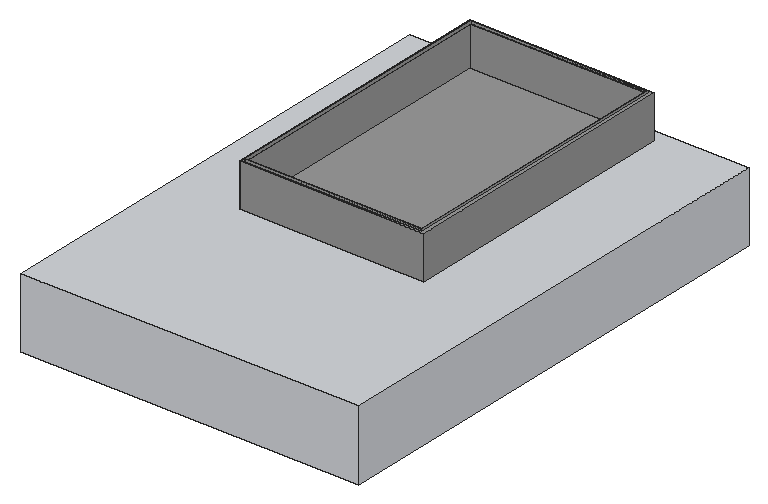
Revit family "Hager-Univers-IP30-D205-H1250-Cl.II-Encl-CH-it", category Equipement électrique, Revit 2020
Family settings
  Hôte = Face
  Configuration du panneau = Deux colonnes, circuits au sein
  Cote de connecteur circulaire = Utiliser le diamètre
  Type d'élément = Tableau de raccordement
  Couper avec des vides une fois chargée = Non
  Partagée = Non
  Point de calcul de pièce = Non
Parameters (values of type "A parete IP30 L800 A1250 P205  - FP83Q1S")
  Width Control [instance] = if([EF000008 - Larghezza] > Min Width, [EF000008 - Larghezza], Min Width)  # 800 mm
  Commentaires du type = [HG000003 - Gamma]  # "Univers"
  Thickness Door [instance] = if([EF009171 - spessore materiale porta/coperchio] > 3 mm, 3 mm, [EF009171 - spessore materiale porta/coperchio])  # 1 mm
  Seal Frame Offset [instance] = 17 mm  # constant formula
  Plinth Visibility [instance] = [HG000027 - Altezza dello zoccolo] > 0 mm  # no
  Model = ""
  Min Width [instance] = 100 mm  # constant formula
  Min Height [instance] = 100 mm  # constant formula
  Min Depth [instance] = (2 * [EF009170 - spessore materiale scatola]) + 1 mm  # 3 mm
  Internal Frame Depth [instance] = (Door System Depth * 0.5)  # 9 mm
  Height Control [instance] = if([EF000040 - Altezza] > Min Height, [EF000040 - Altezza], Min Height)  # 1250 mm
  HG000027 - Altezza dello zoccolo = 0 mm
  HG000026 - A pavimento = no
  HG000024 - Altezza della sezione inferiore = 800 mm
  HG000023 - Custodia a doppia sezione = no
  HG000016 - Visibilità delle porte nella vista 3D [instance] = yes
  HG000015 - Visibilità attraverso la porta [instance] = no
  HG000014 - Porta destra [instance] = yes
  HG000013 - Porta sinistra [instance] = not([HG000014 - Porta destra])  # no
  HG000012 - Angolo di apertura della porta [instance] = 30.00°
  HG000010 - Porte asimmetriche = no
  HG000009 - Porta doppia a battente = no
  HG000006 - Ad incasso = no
  HG000004 - Codice produttore = "FP83Q1S"
  HG000003 - Gamma = "Univers"
  HG000002 - Con porta = no
  Frame Offset Bottom [instance] = 10 mm  # constant formula
  Frame Offset [instance] = 15 mm  # constant formula
  EF015940 - Coprire con rilascio di sovrapressione = no
  EF011959 - tipo di protezione (NEMA) = ""
  EF009554 - numero delle aperture per la piastra della flangia = 6
  Fabricant = "Hager"  # constant formula
  EF009212 - esecuzione coperchio = "EV009916 - con taglio"
  EF009171 - spessore materiale porta/coperchio = 1 mm
  EF009170 - spessore materiale scatola = 1 mm
  EF008873 - corrente nominale (In) = 250 A
  EF007800 - adatto per parafulmine = no
  EF006306 - con serratura = no
  EF006244 - coperchio/porta trasparente = no
  EF005474 - grado di protezione (IP) = "EV006410 - IP30"
  EF004464 - tipo di porta = "EV000494 - senza"
  EF004427 - numero di moduli = 288
  EF004293 - resistenza agli urti = "EV006813 - IK07"
  EF003532 - adatto per uso esterno = no
  EF002950 - Numero moduli DIN = 36
  EF001613 - Integrità del circuito = "EV000494 - senza"
  EF001596 - Attacco Lampada = "EV000179 - acciaio"
  EF001131 - profondità interna = 130 mm
  EF001088 - possibilità di applicazione = yes
  EF000437 - numero di ingressi per conduttori = 6
  EF000339 - tipo di copertura = "EV000494 - senza"
  EF000266 - numero di file = 8
  EF000218 - profondità di incasso = 0 mm
  EF000118 - con piastra di montaggio = no
  EF000116 - numero RAL = "9010"
  EF000049 - profondità = 205 mm
  EF000040 - Altezza = 1250 mm
  EF000008 - Larghezza = 800 mm
  EF000007 - colore = "EV000202 - bianco"
  EF000003 - Tipo di montaggio = "EV000384 - A parete"
  Door System Leaf Tolerance [instance] = 1.5 mm  # constant formula
  Door System Depth [instance] = 18 mm  # constant formula
  Door Height [instance] = Height Control - [HG000027 - Altezza dello zoccolo]  # 1250 mm
  Depth Control [instance] = if([EF000049 - profondità] > Min Depth, [EF000049 - profondità], Min Depth)  # 205 mm
  Default Elevation = 0 mm
  Connector Offset [instance] = Height Control / 2  # 625 mm
  Bottom Top Plate Trim [instance] = 1.5 mm  # constant formula
  Plinth height Ctrl [instance] = if([HG000027 - Altezza dello zoccolo] > 0 mm, [HG000027 - Altezza dello zoccolo], 12 mm)  # 12 mm
Types (5, lengths in mm): name | Width Control | HG000004 - Codice produttore | EF009554 - numero delle aperture per la piastra della flangia | EF004427 - numero di moduli | EF002950 - Numero moduli DIN | EF000437 - numero di ingressi per conduttori | EF000008 - Larghezza
  A parete IP30 L1050 A1250 P205  - FP84Q1S | 1050 | "FP84Q1S" | 8 | 384 | 48 | 8 | 1050
  A parete IP30 L1300 A1250 P205  - FP85Q1S | 1300 | "FP85Q1S" | 10 | 480 | 60 | 10 | 1300
  A parete IP30 L300 A1250 P205  - FP81Q1S | 300 | "FP81Q1S" | 2 | 96 | 12 | 2 | 300
  A parete IP30 L550 A1250 P205  - FP82Q1S | 550 | "FP82Q1S" | 4 | 192 | 24 | 4 | 550
  A parete IP30 L800 A1250 P205  - FP83Q1S | 800 | "FP83Q1S" | 6 | 288 | 36 | 6 | 800
Reference planes
  plane 1 "Center (Front/Back)": y = 0
  plane 2: z = 0
  plane 3 "Center (Left/Right)": x = 0
  plane 4: z = 205
  plane 5: y = 1
  plane 6: y = 625
  plane 7: y = 0
  plane 8: y = 1250
  plane 9: z = 0
  plane 10: x = -385
  plane 11: x = 385
  plane 12: x = 384
  plane 13: x = -384
  plane 14: y = 1249
  plane 15: x = -383
  plane 16: x = -400
  plane 17: x = 383
  plane 18: x = 400
  plane 19: x = 399
  plane 20: x = -399
  plane 21: y = 11
  plane 22: y = 1250
  plane 23: y = 1234
  plane 24: z = 187
  plane 25: z = 1
  plane 26: z = 186
  plane 27: z = 204
Forms (mm)
  Extrusion 1, solid
    sketch origin (0, 0, 0) x (1, 0, 0) y (0, 1, 0)
      loop
        line (-702.964, 1305) -> (-702.964, -811.445) -> (766.763, -811.445) -> (766.763, 1305) -> (-702.964, 1305)
    from 0 to -304.8
  Extrusion 2, solid, material "Hager_Steel_RAL7035_Light_Grey", visible <- "Plinth Visibility", detail levels medium+fine
    sketch origin (0, 0, 0) x (1, 0, 0) y (0, 1, 0)
      loop
        line (-400, 0) -> (400, 0) -> (400, 12) -> (-400, 12) -> (-400, 0)
    from 0 to 187
  Extrusion 3, solid, material "Hager_Steel_RAL7035_Light_Grey", detail levels medium+fine
    sketch origin (0, 0, 0) x (1, 0, 0) y (0, 1, 0)
      loop
        line (-400, 0) -> (400, 0) -> (400, 1250) -> (-400, 1250) -> (-400, 0)
    from 0 to 187
  Extrusion 4, void
    sketch origin (0, 0, 0) x (1, 0, 0) y (0, 1, 0)
      loop
        line (-399, 1) -> (399, 1) -> (399, 1249) -> (-399, 1249) -> (-399, 1)
    from 1 to 186
  Extrusion 5, void
    sketch origin (-381.607, -4572, 187) x (0, -1, 0) y (-1, 0, 0)
      loop
        line (-4583, 2.393) -> (-5806, 2.393) -> (-5806, -765.607) -> (-4583, -765.607) -> (-4583, 2.393)
    from 0 to 1 <- "EF009170 - spessore materiale scatola"
  Extrusion 6, solid, material "Hager_Steel_RAL7035_Light_Grey", detail levels fine
    sketch origin (0, 0, 187) x (1, 0, 0) y (0, 1, 0)
      loop
        line (-384, 1234) -> (-384, 11) -> (384, 11) -> (384, 1234) -> (-384, 1234)
      loop
        line (-385, 10) -> (385, 10) -> (385, 1235) -> (-385, 1235) -> (-385, 10)
    from 0 to 9 <- "Internal Frame Depth"
  Extrusion 7, solid, material "Hager_Steel_RAL7035_Light_Grey", detail levels coarse
    sketch origin (0, 0, 0) x (1, 0, 0) y (0, 1, 0)
      loop
        line (-400, 0) -> (400, 0) -> (400, 1250) -> (-400, 1250) -> (-400, 0)
    from 0 to 205
  Sweep 8, void
    path in 3D
      loop
        line (-400, 12, 0) -> (400, 12, 0) -> (400, 12, 187) -> (-400, 12, 187) -> (-400, 12, 0)
    profile origin (-400, 12, 93.5) x (-1, 0, 0) y (0, -1, 0)
      loop
        line (0, 0) -> (0, 1.5) -> (-1.5, 1.5)
        arc (-1.5, 1.5) -> (-1.061, 0.439) -> (0, 0) r 1.5
Cuts and joins
  Extrusion 4, Extrusion 5 cuts Extrusion 3
  Sweep 8 cuts Extrusion 2
Lines and regions (mm)
  Masking region 1
    outline origin (0, 0, 0) x (1, 0, 0) y (0, 0, 1)
      loop
        line (-400, 205) -> (-400, 0) -> (400, 0) -> (400, 205) -> (-400, 205)
  Masking region 2, detail levels medium+fine
    outline origin (0, 140, 0) x (0, 1, 0) y (0, 0, 1)
      loop
        line (-140, 0) -> (1110, 0) -> (1110, 187) -> (-140, 187) -> (-140, 0)
  Masking region 3, not visible, detail levels medium+fine
    outline origin (0, 297.922, 0) x (0, 1, 0) y (0, 0, 1)
      loop
        line (338.578, 0) -> (378.578, 0) -> (378.578, 194)
        arc (378.578, 194) -> (375.649, 201.071) -> (368.578, 204) r 10
        line (368.578, 204) -> (338.578, 204) -> (338.578, 0)
  Masking region 4, detail levels coarse
    outline origin (0, 0, 180) x (0, 1, 0) y (0, 0, 1)
      loop
        line (0, -180) -> (1250, -180) -> (1250, 25) -> (0, 25) -> (0, -180)
  Masking region 5, visible <- "Plinth Visibility", detail levels medium+fine
    outline origin (0, 52.24, 12.345) x (0, 0, -1) y (0, 1, 0)
      loop
        line (10.845, -40.24) -> (-173.155, -40.24)
        arc (-173.155, -40.24) -> (-173.594, -41.301) -> (-174.655, -41.74) r 1.5
        line (-174.655, -41.74) -> (-174.655, -52.24) -> (12.345, -52.24) -> (12.345, -41.74)
        arc (12.345, -41.74) -> (11.285, -41.301) -> (10.845, -40.24) r 1.5
  Masking region 6, detail levels medium+fine
    outline origin (-381.607, -4572, 187) x (-1, 0, 0) y (0, -1, 0)
      loop
        line (18.393, -5822) -> (18.393, -4572) -> (-781.607, -4572) -> (-781.607, -5822) -> (18.393, -5822)
  Masking region 7, visible <- "Plinth Visibility", detail levels medium+fine
    outline origin (-381.607, -4727, 187) x (-1, 0, 0) y (0, -1, 0)
      loop
        arc (16.893, -4739) -> (17.332, -4737.939) -> (18.393, -4737.5) r 1.5
        line (18.393, -4737.5) -> (18.393, -4727) -> (-781.607, -4727) -> (-781.607, -4737.5)
        arc (-781.607, -4737.5) -> (-780.546, -4737.939) -> (-780.107, -4739) r 1.5
        line (-780.107, -4739) -> (16.893, -4739)
  Masking region 8, detail levels coarse
    outline origin (-442.548, -4669.526, 187) x (-1, 0, 0) y (0, -1, 0)
      loop
        line (-42.548, -5919.526) -> (-42.548, -4669.526) -> (-842.548, -4669.526) -> (-842.548, -5919.526) -> (-42.548, -5919.526)
  sketch lines
    curve 1: line (-400, 12, 187) -> (-400, 12, 0)
    curve 2: line (400, 12, 187) -> (-400, 12, 187)
    curve 3: line (400, 12, 187) -> (400, 12, 0)
    curve 4: line (-400, 12, 0) -> (400, 12, 0)
Dimensions and locks
  "Depth Control": plane 4 to Extrusion 1
  "HG000027 - Altezza dello zoccolo": plane 1 "Center (Front/Back)" to plane 7
  "EF009170 - spessore materiale scatola": plane 5 to plane 7
  locked: connector elem to plane 3 "Center (Left/Right)"
  equal spacing: plane 8, plane 6, plane 7
  locked: connector elem to plane 6
  "EF009170 - spessore materiale scatola": plane 8 to plane 14
  "EF009170 - spessore materiale scatola": plane 10 to plane 13
  "EF009170 - spessore materiale scatola": plane 12 to plane 11
  "Frame Offset": plane 20 to plane 13
  "Frame Offset": plane 12 to plane 19
  "EF009170 - spessore materiale scatola": plane 16 to plane 20
  "EF009170 - spessore materiale scatola": plane 19 to plane 18
  "Seal Frame Offset": plane 16 to plane 15
  "Seal Frame Offset": plane 17 to plane 18
  "Frame Offset Bottom": plane 21 to plane 5
  "Frame Offset": plane 14 to plane 23
  equal spacing: plane 16, plane 3 "Center (Left/Right)", plane 18
  "Width Control": plane 16 to plane 18
  "EF009170 - spessore materiale scatola": plane 4 to plane 27
  "EF009170 - spessore materiale scatola": plane 24 to plane 26
  "EF009170 - spessore materiale scatola": plane 25 to level
  "Door System Depth": plane 4 to plane 24
  "Height Control": plane 1 "Center (Front/Back)" to Extrusion 7 sketch curve
  "Height Control": Masking region 4 sketch curve to plane 1 "Center (Front/Back)"
  "Height Control": plane 1 "Center (Front/Back)" to plane 22
  "Bottom Top Plate Trim": profile plane to Sweep 8 sketch curve
  "Bottom Top Plate Trim": Sweep 8 sketch curve to profile plane
  "Plinth height Ctrl": plane 1 "Center (Front/Back)" to Extrusion 2 sketch curve
  "Plinth height Ctrl": Masking region 5 sketch curve to plane 1 "Center (Front/Back)"
  "Plinth height Ctrl": plane 1 "Center (Front/Back)" to Masking region 7 sketch curve
  "Thickness Door": Extrusion 6 sketch curve to Extrusion 6 sketch curve  (x3)
  "Thickness Door": cut or joined group of Extrusion 3, Extrusion 4, Extrusion 5 to Extrusion 6 sketch curve
  radius of Masking region 3 sketch curve = 10 mm
  "Bottom Top Plate Trim": radius of Masking region 5 sketch curve  (x2)
  "Bottom Top Plate Trim": radius of Sweep 8 sketch curve
  "Bottom Top Plate Trim": radius of Masking region 7 sketch curve  (x2)
  aligned and locked: plane 2 to Extrusion 1
  aligned and locked: level to Extrusion 1
  aligned and locked: level to Masking region 1 sketch curve
  aligned and locked: Masking region 1 sketch curve to plane 18
  aligned and locked: Masking region 1 sketch curve to plane 16
  aligned and locked: plane 7 to Masking region 2 sketch curve
  aligned and locked: level to Masking region 3 sketch curve
  aligned and locked: Masking region 3 sketch curve to plane 27
  aligned and locked: level to Masking region 2 sketch curve
  aligned and locked: plane 1 "Center (Front/Back)" to Extrusion 2 sketch curve
  aligned and locked: Extrusion 3 sketch curve to plane 7
  aligned and locked: plane 16 to Extrusion 3 sketch curve
  aligned and locked: plane 18 to Extrusion 3 sketch curve
  aligned and locked: plane 20 to Extrusion 4 sketch curve
  aligned and locked: plane 19 to Extrusion 4 sketch curve
  aligned and locked: Extrusion 4 sketch curve to plane 5
  aligned and locked: Extrusion 4 to plane 25
  aligned and locked: plane 26 to Extrusion 4
  aligned and locked: plane 24 to Extrusion 3
  aligned and locked: Extrusion 5 sketch curve to plane 21
  aligned and locked: Extrusion 5 sketch curve to plane 13
  aligned and locked: Extrusion 5 sketch curve to plane 12
  aligned and locked: plane 18 to Extrusion 7 sketch curve
  aligned and locked: plane 1 "Center (Front/Back)" to Extrusion 7 sketch curve
  aligned and locked: plane 16 to Extrusion 7 sketch curve
  aligned and locked: plane 4 to Extrusion 7
  aligned and locked: Extrusion 7 to level
  aligned and locked: level to Masking region 4 sketch curve
  aligned and locked: Masking region 4 sketch curve to plane 1 "Center (Front/Back)"
  aligned and locked: Masking region 4 sketch curve to plane 4
  aligned and locked: nested 1 to level
  aligned and locked: nested 1 to plane 16
  aligned and locked: plane 8 to Extrusion 3 sketch curve
  aligned and locked: plane 23 to Extrusion 5 sketch curve
  aligned and locked: plane 14 to Extrusion 4 sketch curve
  aligned and locked: Masking region 2 sketch curve to plane 8
  aligned and locked: level to Masking region 5 sketch curve
  aligned and locked: plane 16 to Extrusion 2 sketch curve
  aligned and locked: plane 18 to Extrusion 2 sketch curve
  aligned and locked: Masking region 5 sketch curve to plane 24
  aligned and locked: Masking region 2 sketch curve to plane 24
  aligned and locked: plane 24 to Extrusion 2
  aligned and locked: profile plane to Sweep 8 sketch curve  (x2)
  aligned and locked: Masking region 6 sketch curve to plane 18
  aligned and locked: Masking region 6 sketch curve to plane 22
  aligned and locked: Masking region 6 sketch curve to plane 16
  aligned and locked: plane 8 to plane 22
  aligned and locked: Masking region 6 sketch curve to plane 7
  aligned and locked: Masking region 7 sketch curve to plane 16
  aligned and locked: Masking region 7 sketch curve to plane 1 "Center (Front/Back)"
  aligned and locked: Masking region 7 sketch curve to plane 18
  aligned and locked: Masking region 8 sketch curve to plane 1 "Center (Front/Back)"
  aligned and locked: Masking region 8 sketch curve to plane 18
  aligned and locked: Masking region 8 sketch curve to plane 22
  aligned and locked: Masking region 8 sketch curve to plane 16
  aligned and locked: nested 2 to plane 7
  aligned and locked: plane 3 "Center (Left/Right)" to nested 2
  aligned and locked: nested 2 to plane 24
  aligned and locked: Extrusion 6 sketch curve to cut or joined group of Extrusion 3, Extrusion 4, Extrusion 5  (x4)
Automatic sketch dimensions
  Extrusion 1 sketch curve to Extrusion 1 sketch curve = 1469.727 mm
  Extrusion 1 sketch curve to Extrusion 1 sketch curve = 2116.445 mm
  Masking region 1 sketch curve to plane 4 = 0 mm
  plane 6 to Masking region 3 sketch curve = 11.5 mm
  Masking region 3 sketch curve to Masking region 3 sketch curve = 30 mm
  Masking region 5 sketch curve to plane 1 "Center (Front/Back)" = 0 mm
Nested families
  nested 1: "Hager_Enclosure_Symbol" at (-400, 0, 0) x (1, 0, 0) z (0, -1, 0), Height <- "Depth Control", Width <- "Width Control", type "Hager_Enclosure_Symbol"
    with Width_Ctrl 800 mm, Width 800 mm, Height_Ctrl 205 mm, Height 205 mm, A_Width_Int 13.453 mm, A_Width 161.438 mm, A_Height_Ctrl 179.375 mm, A_Height 179.375 mm
  nested 2: "EC000058_Univers_Door" at (0, 0, 187) x (1, 0, 0) z (0, 1, 0), Leaf_Tolerance <- "Door System Leaf Tolerance", Angle <- "HG000012 - Angolo di apertura della porta", Door_Depth <- "Door System Depth", Door_Left <- "HG000013 - Porta sinistra", Transparent <- "EF006244 - coperchio/porta trasparente", Assymetrical <- "HG000010 - Porte asimmetriche", Width <- "Width Control", Clearance <- "HG000015 - Visibilità attraverso la porta", Double <- "HG000009 - Porta doppia a battente", 3d_Door <- "HG000016 - Visibilità delle porte nella vista 3D", Lock_Visibility <- "EF006306 - con serratura", Width_Ctrl <- "Width Control", Door_Right <- "HG000014 - Porta destra", Door <- "HG000002 - Con porta", Height <- "Door Height", Thickness <- "Thickness Door", type "EC000058_Univers_Door", detail levels medium+fine
    with min_wh 3 mm, Width_Ctrl 800 mm, Width 800 mm, Transparent no, Thickness 1 mm, Seal_Material Hager_Rubber, Lock_Visibility no, Lock_Material Hager_Plastic_RAL9005_Jet_Black, Leaf_Width 800 mm, Leaf_Tolerance_External_Sides 0 mm, Leaf_Tolerance 1.5 mm, Leaf_Offset 0 mm, Leaf_Height 1247 mm, Leaf_2_Width 800 mm, Leaf_2_Offset 400 mm, Leaf_1_Width 800 mm, Leaf_1_Offset 400 mm, Height_Ctrl 1250 mm, Height 1250 mm, Glass_Material Hager_Glass, Double_Clearance_Ctrl no, Double no, Door_Right_Ctrl no, Door_Right yes, Door_Material Hager_Steel_RAL7035_Light_Grey, Door_Left_Ctrl no, Door_Left no, Door_Depth 18 mm, Door no, Clearance_Material Hager_Clearance, Clearance_Depth 800 mm, Clearance_Ctrl no, Clearance no, Assymetrical no, Angle 30.00°, 3d_Door yes
Connectors
  electrical at (0, 625, 0)
    settings: on plane 9, index 1, voltage 0 V, apparent load 0 VA, apparent load phase1 0 VA, apparent load phase2 0 VA, apparent load phase3 0 VA, power factor 1, load classification "Other", number of poles 1, system type 30, power factor state 1, is connector primary yes, connector utility no, sub classification motor no, connector description ""
Definition of nested family "Hager_Enclosure_Symbol"
  Parameters (values of type "Hager_Enclosure_Symbol")
    Width_Ctrl [instance] = if(Width > 1 mm, Width, 1 mm)  # 102.27 mm
    Width [instance] = 102.27 mm
    Height_Ctrl [instance] = if(Height > 1 mm, Height, 1 mm)  # 66.5 mm
    A_Width_Int [instance] = if(A_Width / 12 > 2 mm, A_Width / 12, 2 mm)  # 4.364 mm
    A_Width [instance] = if(A_Height_Ctrl * 0.9 > 2 mm, A_Height_Ctrl * 0.9, 2 mm)  # 52.369 mm
    A_Height_Ctrl [instance] = if(A_Height > 2 mm, A_Height, 2 mm)  # 58.188 mm
    Height [instance] = 66.5 mm
    A_Height [instance] = Height - (Height / 8)  # 58.188 mm
  Reference planes
    plane 1 "Centre (avant/arrière)": y = 0
    plane 2: z = 0
    plane 3 "Centre (gauche/droite)": x = 0
    plane 4: x = 52.369
    plane 5: y = 33.042
    plane 6: y = 41.77
    plane 7: y = 66.5
    plane 8: x = 26.184
    plane 9: y = 37.406
    plane 10: x = 102.27
    plane 11: y = 66.5
    plane 12: y = 8.313
  Lines and regions (mm)
    Filled region 1, type "Solid_Black", in view "Niveau de réf."
      outline origin (0, 0, 0) x (1, 0, 0) y (0, 1, 0)
        loop
          line (52.369, 66.5) -> (33.188, 54.536) -> (45.365, 45.006) -> (52.369, 66.5)
    Filled region 2, type "Solid_Black", in view "Niveau de réf."
      outline origin (0, 0, 0) x (1, 0, 0) y (0, 1, 0)
        loop
          line (0, 0) -> (102.27, 0) -> (102.27, 66.5) -> (0, 0)
    detail lines, in view "Niveau de réf."
      curve 1: line (0, 8.313, 0) -> (26.184, 41.77, 0)
      curve 2: line (26.184, 41.77, 0) -> (26.184, 33.042, 0)
      curve 3: line (26.184, 33.042, 0) -> (52.369, 66.5, 0)
  Dimensions and locks
    "A_Width": plane 3 "Centre (gauche/droite)" to plane 4
    equal spacing: plane 3 "Centre (gauche/droite)", plane 8, plane 4
    equal spacing: plane 6, plane 9, plane 5
    equal spacing: curve 3, Filled region 1 sketch curve, Filled region 1 sketch curve
    "Height_Ctrl": plane 1 "Centre (avant/arrière)" to plane 11
    "A_Height_Ctrl": plane 11 to plane 12
    equal spacing: plane 11, plane 9, plane 12
    "A_Width_Int": plane 6 to plane 9
    "Width_Ctrl": plane 3 "Centre (gauche/droite)" to plane 10
    angle Filled region 1 sketch curve to curve 3 = 20.00°
    angle curve 3 to Filled region 1 sketch curve = 20.00°
    locked: curve 3 to Filled region 1 sketch curve (angle 90.00°)
    aligned and locked: plane 10 to Filled region 2
    aligned and locked: plane 11 to Filled region 2 sketch curve
    aligned and locked: plane 10 to Filled region 2 sketch curve
    aligned and locked: plane 3 "Centre (gauche/droite)" to curve 1
    aligned and locked: plane 12 to curve 1
    aligned and locked: plane 7 to plane 11
  Automatic sketch dimensions
    Filled region 1 sketch curve to plane 4 = 0 mm
    Filled region 1 sketch curve to plane 7 = 0 mm
    plane 1 "Centre (avant/arrière)" to Filled region 2 sketch curve = 0 mm
    Filled region 2 sketch curve to plane 3 "Centre (gauche/droite)" = 0 mm
    curve 2 to plane 6 = 0 mm
    curve 2 to plane 8 = 0 mm
    curve 3 to plane 4 = 0 mm
    curve 2 to plane 5 = 0 mm
    curve 3 to plane 7 = 0 mm
Definition of nested family "EC000058_Univers_Door"
  Parameters (values of type "EC000058_Univers_Door")
    min_wh [instance] = (2 * Thickness) + 1 mm  # 11 mm
    Width_Ctrl [instance] = 400 mm
    Width [instance] = 500 mm
    Transparent [instance] = yes
    Thickness [instance] = 5 mm
    Seal_Material [instance] = none
    Lock_Visibility [instance] = yes
    Lock_Material [instance] = none
    Leaf_Width [instance] = if((Width_Ctrl - 2 * Leaf_Tolerance_External_Sides) > 0 mm, (Width_Ctrl - 2 * Leaf_Tolerance_External_Sides), min_wh)  # 400 mm
    Leaf_Tolerance_External_Sides [instance] = 0 mm  # constant formula
    Leaf_Tolerance [instance] = 1.5 mm
    Leaf_Offset [instance] = 0 mm  # constant formula
    Leaf_Height [instance] = if((Height_Ctrl - 2 * Leaf_Tolerance) > 0 mm, (Height_Ctrl - 2 * Leaf_Tolerance), min_wh)  # 497 mm
    Leaf_2_Width [instance] = if(and(and(Double, Assymetrical), Door_Left), (Leaf_Width / 3) - (Leaf_Tolerance / 2), if(and(and(Double, Assymetrical), Door_Right), (Leaf_Width / 3) * 2 - (Leaf_Tolerance / 2), if(and(Double, not(Assymetrical)), (Leaf_Width / 2) - Leaf_Tolerance, Leaf_Width)))  # 400 mm
    Leaf_2_Offset [instance] = if(and(Double, Assymetrical), Leaf_2_Width / 2, if(and(Double, not(Assymetrical)), Leaf_Width / 4, Leaf_Width / 2))  # 200 mm
    Leaf_1_Width [instance] = if(and(and(Double, Assymetrical), Door_Right), (Leaf_Width / 3) - (Leaf_Tolerance / 2), if(and(and(Double, Assymetrical), Door_Left), (Width / 3) * 2 - (Leaf_Tolerance / 2), if(and(Double, not(Assymetrical)), (Leaf_Width / 2) - Leaf_Tolerance, Leaf_Width)))  # 400 mm
    Leaf_1_Offset [instance] = if(and(Double, Assymetrical), Leaf_1_Width / 2, if(and(Double, not(Assymetrical)), Leaf_Width / 4, Leaf_Width / 2))  # 200 mm
    Height_Ctrl [instance] = if(Height > min_wh, Height, min_wh)  # 500 mm
    Height [instance] = 500 mm
    Glass_Material [instance] = none
    Double_Clearance_Ctrl [instance] = and(Double, Clearance)  # no
    Double [instance] = no
    Door_Right_Ctrl [instance] = and(or(Door_Right, Double), Door)  # yes
    Door_Right [instance] = yes
    Door_Material [instance] = none
    Door_Left_Ctrl [instance] = and(or(Door_Left, Double), Door)  # no
    Door_Left [instance] = no
    Door_Depth [instance] = 30 mm
    Door [instance] = yes
    Default Elevation = 1219.2 mm
    Clearance_Material [instance] = none
    Clearance_Depth [instance] = if(Leaf_1_Width > Leaf_2_Width, Leaf_1_Width, Leaf_2_Width)  # 400 mm
    Clearance_Ctrl [instance] = and(not(Double), Clearance)  # yes
    Clearance [instance] = yes
    Assymetrical [instance] = yes
    Angle [instance] = 30.00°
    3d_Door [instance] = yes
  Reference planes
    plane 1 "Center (Front/Back)": y = 0
    plane 2 "Bottom": z = 0
    plane 3 "Center (Left/Right)": x = 0
    plane 4: z = 500
    plane 5: x = -200
    plane 6: x = 200
    plane 7: z = 500
    plane 8: x = -200
    plane 9: z = 0
    plane 10: x = 200
    plane 11: y = 0
    plane 12: z = 1.5
    plane 13: x = -600
    plane 14: y = -400
    plane 15: x = 600
    plane 16: x = 0
    plane 17: x = 0
    plane 18: x = -200
    plane 19: x = 200
    plane 20: z = 498.5
  Forms (mm)
    Extrusion 1, solid, material <- "Clearance_Material", visible <- "Double_Clearance_Ctrl"
      sketch origin (1200, 0, 0) x (1, 0, 0) y (0, 0, -1)
        loop
          line (-1800, -498.5) -> (-600, -498.5) -> (-600, 0) -> (-1800, 0) -> (-1800, -498.5)
      from 0 to -400
  Dimensions and locks
    equal spacing: plane 5, plane 3 "Center (Left/Right)", plane 6
    "Width_Ctrl": plane 5 to plane 6
    "Leaf_Offset": plane 5 to plane 8
    "Leaf_Offset": plane 6 to plane 10
    "Leaf_Offset": plane 9 to level
    "Leaf_Offset": plane 4 to plane 7
    "Height_Ctrl": plane 4 to level
    "Leaf_Tolerance": plane 12 to plane 9
    locked: plane 11 to plane 1 "Center (Front/Back)"
    "Leaf_1_Offset": plane 18 to plane 16
    "Leaf_2_Offset": plane 17 to plane 19
    "Leaf_1_Width": plane 13 to plane 8
    "Leaf_2_Width": plane 10 to plane 15
    "Clearance_Depth": plane 14 to plane 1 "Center (Front/Back)"
    "Leaf_Tolerance_External_Sides": plane 8 to plane 18
    "Leaf_Tolerance_External_Sides": plane 19 to plane 10
    "Leaf_Tolerance": plane 7 to plane 20
    aligned and locked: level to plane 2 "Bottom"
    aligned and locked: nested 1 to plane 16
    aligned and locked: nested 2 to plane 17
    aligned and locked: Extrusion 1 to plane 13
    aligned and locked: plane 15 to Extrusion 1
    aligned and locked: Extrusion 1 to plane 14
    aligned and locked: plane 12 to nested 1
    aligned and locked: nested 2 to plane 12
    aligned and locked: Extrusion 1 to plane 11
    aligned and locked: plane 20 to Extrusion 1
    aligned and locked: nested 2 to plane 11
    aligned and locked: nested 1 to plane 11
  Automatic sketch dimensions
    Extrusion 1 sketch curve to level = 0 mm
    plane 5 to Extrusion 1 sketch curve = 400 mm
    plane 6 to Extrusion 1 sketch curve = 400 mm
    Extrusion 1 sketch curve to plane 4 = 1.5 mm
  Nested families
    nested 1: "EC000058_Univers_Door_Leaf" at (0, 0, 1.5), Width <- "Leaf_1_Width", visible <- "Door_Left_Ctrl", Leaf_Height <- "Leaf_Height", Angle <- "Angle", 3d_Door <- "3d_Door", Transparent <- "Transparent", Clearance Material <- "Clearance_Material", Clearance <- "Clearance_Ctrl", Door_Material <- "Door_Material", Glass_Material <- "Glass_Material", Door_Depth <- "Door_Depth", Lock_Material <- "Lock_Material", Seal_Material <- "Seal_Material", Lock_Visibility <- "Lock_Visibility", Thickness <- "Thickness", type "EC000058_Univers_Door_Leaf"
      with Width 400 mm, Transparent_Glass_Offset 30 mm, Transparent_Ctrl yes, Transparent yes, Thickness 5 mm, Standard no, Seal_Material none, Seal_D2 8 mm, Seal_D1 1 mm, Offset_Internal_Frame 10 mm, Lock_Width 20 mm, Lock_Visibility_3d yes, Lock_Visibility yes, Lock_Thickness_3 3 mm, Lock_Thickness_2 1 mm, Lock_Thickness_1 3 mm, Lock_Radius_Offset_2 16 mm, Lock_Radius_Offset_1 15 mm, Lock_Radius_2 5 mm, Lock_Radius 6 mm, Lock_Offset 5 mm, Lock_Material none, Lock_Height 80 mm, Lock_Cover_Top_Offset_2d 17 mm, Lock_Cover_Height -65 mm, Leaf_Height 497 mm, Internal_Seal_Thickness 8 mm, Internal_Seal_Depth_2 4.5 mm, Internal_Frame_Depth 25 mm, Glass_Thickness -1 mm, Glass_Offset -2 mm, Glass_Material none, Door_Material none, Door_Depth 30 mm, Clearance Material none, Clearance yes, Angle_Ctrl 30.00°, Angle 30.00°, 3d_Door yes
    nested 2: "EC000058_Univers_Door_Leaf" at (0, 0, 1.5) x (-1, 0, 0) z (0, 0, 1), Width <- "Leaf_2_Width", visible <- "Door_Right_Ctrl", Leaf_Height <- "Leaf_Height", Angle <- "Angle", 3d_Door <- "3d_Door", Transparent <- "Transparent", Clearance Material <- "Clearance_Material", Clearance <- "Clearance_Ctrl", Door_Material <- "Door_Material", Glass_Material <- "Glass_Material", Door_Depth <- "Door_Depth", Lock_Material <- "Lock_Material", Seal_Material <- "Seal_Material", Lock_Visibility <- "Lock_Visibility", Thickness <- "Thickness", type "EC000058_Univers_Door_Leaf"
      with Width 400 mm, Transparent_Glass_Offset 30 mm, Transparent_Ctrl yes, Transparent yes, Thickness 5 mm, Standard no, Seal_Material none, Seal_D2 8 mm, Seal_D1 1 mm, Offset_Internal_Frame 10 mm, Lock_Width 20 mm, Lock_Visibility_3d yes, Lock_Visibility yes, Lock_Thickness_3 3 mm, Lock_Thickness_2 1 mm, Lock_Thickness_1 3 mm, Lock_Radius_Offset_2 16 mm, Lock_Radius_Offset_1 15 mm, Lock_Radius_2 5 mm, Lock_Radius 6 mm, Lock_Offset 5 mm, Lock_Material none, Lock_Height 80 mm, Lock_Cover_Top_Offset_2d 17 mm, Lock_Cover_Height -65 mm, Leaf_Height 497 mm, Internal_Seal_Thickness 8 mm, Internal_Seal_Depth_2 4.5 mm, Internal_Frame_Depth 25 mm, Glass_Thickness -1 mm, Glass_Offset -2 mm, Glass_Material none, Door_Material none, Door_Depth 30 mm, Clearance Material none, Clearance yes, Angle_Ctrl 30.00°, Angle 30.00°, 3d_Door yes
  Definition of nested family "EC000058_Univers_Door_Leaf"
    Parameters (values of type "EC000058_Univers_Door_Leaf")
      Width [instance] = 2000 mm
      Transparent_Glass_Offset [instance] = 30 mm
      Transparent_Ctrl [instance] = and(Transparent, [3d_Door])  # yes
      Transparent [instance] = yes
      Thickness [instance] = 5 mm
      Standard [instance] = and(not(Transparent), [3d_Door])  # no
      Seal_Material [instance] = none
      Seal_D2 [instance] = 8 mm  # constant formula
      Seal_D1 [instance] = 1 mm  # constant formula
      Offset_Internal_Frame [instance] = 10 mm  # constant formula
      Lock_Width [instance] = 20 mm  # constant formula
      Lock_Visibility_3d [instance] = and(Lock_Visibility, [3d_Door])  # yes
      Lock_Visibility [instance] = yes
      Lock_Thickness_3 [instance] = 3 mm  # constant formula
      Lock_Thickness_2 [instance] = 1 mm  # constant formula
      Lock_Thickness_1 [instance] = 3 mm  # constant formula
      Lock_Radius_Offset_2 [instance] = Lock_Radius_Offset_1 + 1 mm  # 16 mm
      Lock_Radius_Offset_1 [instance] = 15 mm  # constant formula
      Lock_Radius_2 [instance] = Lock_Radius - 1 mm  # 5 mm
      Lock_Radius [instance] = 6 mm  # constant formula
      Lock_Offset [instance] = 5 mm  # constant formula
      Lock_Material [instance] = none
      Lock_Height [instance] = 80 mm  # constant formula
      Lock_Cover_Top_Offset_2d [instance] = Lock_Radius_Offset_2 + 1 mm  # 17 mm
      Lock_Cover_Height [instance] = -(Lock_Height - Lock_Radius_Offset_1)  # -65 mm
      Leaf_Height [instance] = 2720.336 mm
      Internal_Seal_Thickness [instance] = 8 mm  # constant formula
      Internal_Seal_Depth_2 [instance] = 4.5 mm  # constant formula
      Internal_Frame_Depth [instance] = if(Door_Depth - Thickness > 5 mm, Door_Depth - Thickness, 5 mm)  # 25 mm
      Glass_Thickness [instance] = if(Thickness > 15 mm, Glass_Offset + 10 mm, -1 mm)  # -1 mm
      Glass_Offset [instance] = if(Thickness > 15 mm, -(Thickness + 10 mm) / 2, -2 mm)  # -2 mm
      Glass_Material [instance] = none
      Door_Material [instance] = none
      Door_Depth [instance] = 30 mm
      Default Elevation = 0 mm
      Clearance Material [instance] = none
      Clearance [instance] = yes
      Angle_Ctrl [instance] = if(Angle > 180.00°, 180.00°, Angle)  # 90.00°
      Angle [instance] = 90.00°
      3d_Door [instance] = yes
    Reference planes
      plane 1 "Center (Front/Back)": y = 0
      plane 2: z = 0
      plane 3 "Center (Left/Right)": x = 0
      plane 4: y = 2000
      plane 5: x = -1000
      plane 6: x = 1000
      plane 7: x = -3000
      plane 8: z = 2720.336
      plane 9: z = 30
      plane 10: z = 2690.336
      plane 11: x = 970
      plane 12: x = -970
      plane 13: y = -3
      plane 14: z = 107.833
      plane 15: y = -5
      plane 16: y = -223.314
      plane 17: x = -1000
      plane 18: z = 1360.168
      plane 19: y = 30
    Forms (mm)
      Extrusion 1, solid, material <- "Clearance Material", visible <- "Clearance"
        sketch origin (0, 0, 0) x (1, 0, 0) y (0, 0, 1)
          loop
            line (-3000, 2720.336) -> (-3000, 0) -> (1000, 0) -> (1000, 2720.336) -> (-3000, 2720.336)
        from 0 to -2000
      Extrusion 2, solid, material <- "Door_Material", visible <- "Standard", detail levels medium+fine
        sketch origin (-1000, 0, 0) x (0, 1, 0) y (-1, 0, 0)
          loop
            line (0, 30) -> (0, 25) -> (2000, 25) -> (2000, 30) -> (0, 30)
        from 0 to 2720.336 <- "Leaf_Height"
      Extrusion 3, solid, material <- "Door_Material", visible <- "Transparent_Ctrl", detail levels medium+fine
        sketch origin (-1000, 0, 0) x (0, 1, 0) y (-1, 0, 0)
          loop
            line (0, 25) -> (2000, 25) -> (2000, 30) -> (0, 30) -> (0, 25)
        from 0 to 2720.336 <- "Leaf_Height"
      Extrusion 4, void
        sketch origin (-1025, 2000, 0) x (0, 1, 0) y (0, 0, -1)
          loop
            line (-30, -2690.336) -> (-30, -30) -> (-1970, -30) -> (-1970, -2690.336) -> (-30, -2690.336)
        from 0 to 5 <- "Thickness"
      Sweep 5, solid, material <- "Seal_Material", visible <- "Transparent_Ctrl", detail levels fine
        path in 3D
          loop
            line (-1025, 30, 30) -> (-1025, 30, 2690.336) -> (-1025, 1970, 2690.336) -> (-1025, 1970, 30) -> (-1025, 30, 30)
        profile origin (-1025, 1000, 30) x (1, 0, 0) y (0, 0, 1)
          loop
            line (0, 0) -> (0, -8) -> (1, -8) -> (1, 0) -> (0, 0)
      Extrusion 6, solid, material <- "Glass_Material", visible <- "Transparent_Ctrl", detail levels medium+fine
        sketch origin (-1030, 0, 0) x (0, 1, 0) y (0, 0, -1)
          loop
            line (1970, -2690.336) -> (1970, -30) -> (30, -30) -> (30, -2690.336) -> (1970, -2690.336)
        from -2 <- "Glass_Offset" to -1 <- "Glass_Thickness"
      Extrusion 7, solid, material <- "Door_Material", visible <- "3d_Door", detail levels medium+fine
        sketch origin (-1025, 2000, 0) x (0, -1, 0) y (0, 0, -1)
          loop
            line (0, -2720.336) -> (2000, -2720.336) -> (2000, 0) -> (0, 0) -> (0, -2720.336)
          loop
            line (1995, -5) -> (5, -5) -> (5, -2715.336) -> (1995, -2715.336) -> (1995, -5)
        from 0 to 25 <- "Internal_Frame_Depth"
      Sweep 8, solid, material <- "Seal_Material", visible <- "Transparent_Ctrl", detail levels fine
        path in 3D
          loop
            line (-1025, 0, 0) -> (-1025, 2000, 0) -> (-1025, 2000, 2720.336) -> (-1025, 0, 2720.336) -> (-1025, 0, 0)
        profile origin (-1025, 0, 1360.168) x (1, 0, 0) y (0, 1, 0)
          loop
            line (0, 10) -> (2.975, 10)
            arc (2.975, 10) -> (4.053, 10.447) -> (4.5, 11.525) r 1.525
            line (4.5, 11.525) -> (4.5, 16.527)
            arc (4.5, 16.527) -> (4.069, 17.569) -> (3.027, 18) r 1.473
            line (3.027, 18) -> (0, 18) -> (0, 10)
      Extrusion 9, solid, material <- "Lock_Material", visible <- "Lock_Visibility_3d", detail levels fine
        sketch origin (-1030, 0, 0) x (0, 1, 0) y (0, 0, -1)
          loop
            arc (1993.5, -1400.168) -> (1994.561, -1399.729) -> (1995, -1398.668) r 1.5
            line (1995, -1398.668) -> (1995, -1320.168) -> (1975, -1320.168) -> (1975, -1398.668)
            arc (1975, -1398.668) -> (1975.439, -1399.729) -> (1976.5, -1400.168) r 1.5
            line (1976.5, -1400.168) -> (1993.5, -1400.168)
        from 3 <- "Lock_Thickness_1" to 0
      Blend 10, solid, material <- "Lock_Material", visible <- "Lock_Visibility_3d", detail levels fine
        base sketch origin (-1033, 0, 0) x (0, 1, 0) y (0, 0, -1)
          loop
            line (1975, -1320.168) -> (1975, -1398.668)
            arc (1975, -1398.668) -> (1975.439, -1399.729) -> (1976.5, -1400.168) r 1.5
            line (1976.5, -1400.168) -> (1993.5, -1400.168)
            arc (1993.5, -1400.168) -> (1994.561, -1399.729) -> (1995, -1398.668) r 1.5
            line (1995, -1398.668) -> (1995, -1320.168) -> (1975, -1320.168)
        top sketch origin (-1033, 0, 0) x (0, 1, 0) y (0, 0, -1)
          loop
            line (1976, -1320.168) -> (1976, -1398.668)
            arc (1976, -1398.668) -> (1976.146, -1399.022) -> (1976.5, -1399.168) r 0.5
            line (1976.5, -1399.168) -> (1993.5, -1399.168)
            arc (1993.5, -1399.168) -> (1993.854, -1399.022) -> (1994, -1398.668) r 0.5
            line (1994, -1398.668) -> (1994, -1320.168) -> (1976, -1320.168)
        from 0 to 1 <- "Lock_Thickness_2"
      Blend 11, solid, material <- "Lock_Material", visible <- "Lock_Visibility_3d", detail levels fine
        base sketch origin (-1034, 0, 0) x (0, 1, 0) y (0, 0, -1)
          loop
            line (1978, -1320.168) -> (1978, -1384.168)
            arc (1978, -1384.168) -> (1985, -1391.168) -> (1992, -1384.168) r 7
            line (1992, -1384.168) -> (1992, -1320.168) -> (1978, -1320.168)
        top sketch origin (-1034, 0, 0) x (0, 1, 0) y (0, 0, -1)
          loop
            line (1991, -1320.168) -> (1979, -1320.168) -> (1979, -1383.168)
            arc (1979, -1383.168) -> (1985, -1389.168) -> (1991, -1383.168) r 6
            line (1991, -1383.168) -> (1991, -1320.168)
        from 0 to 3 <- "Lock_Thickness_3"
      Extrusion 12, solid, material <- "Lock_Material", visible <- "Lock_Visibility_3d", detail levels fine
        sketch origin (-1030, 1975, 1320.168) x (1, 0, 0) y (0, -1, 0)
          loop
            line (-7, -19) -> (-7, -1) -> (0, -1) -> (0, 0) -> (-8, 0) -> (-8, -20) -> (0, -20) -> (0, -19) -> (-7, -19)
        from 0 to -65 <- "Lock_Cover_Height"
      Extrusion 13, void
        sketch origin (-1038, 1995, 1320.168) x (-1, 0, 0) y (0, 0, -1)
          loop
            line (-5, -65) -> (0, -65) -> (-5, -60) -> (-5, -65)
        from 0 to 20 <- "Lock_Width"
      Extrusion 14, void
        sketch origin (-1038, 1975, 1320.168) x (0, -1, 0) y (0, 0, -1)
          loop
            circle (-10, -15.995) r 6
          loop
            circle (-10, -15.995) r 5
        from 0 to 2
      Extrusion 15, solid, material <- "Lock_Material", visible <- "Lock_Visibility_3d", detail levels medium
        sketch origin (-1030, 0, 0) x (0, 1, 0) y (0, 0, -1)
          loop
            arc (1993.5, -1400.168) -> (1994.561, -1399.729) -> (1995, -1398.668) r 1.5
            line (1995, -1398.668) -> (1995, -1320.168) -> (1975, -1320.168) -> (1975, -1398.668)
            arc (1975, -1398.668) -> (1975.439, -1399.729) -> (1976.5, -1400.168) r 1.5
            line (1976.5, -1400.168) -> (1993.5, -1400.168)
        from 8 to 0
    Cuts and joins
      Extrusion 4 cuts Extrusion 3
      Extrusion 13, Extrusion 14 cuts Extrusion 9
      Extrusion 14 cuts Blend 11
      Extrusion 13, Extrusion 14 cuts Extrusion 12
      joined: Extrusion 9, Blend 10, Blend 11, Extrusion 12
      Extrusion 14 cuts Extrusion 15
    Lines and regions (mm)
      Masking region 1, visible <- "Lock_Visibility", detail levels fine
        outline origin (0, 0, 0) x (0, 1, 0) y (0, 0, 1)
          loop
            line (30, 1320.168) -> (33, 1320.168) -> (33, 1400.168) -> (30, 1400.168) -> (30, 1320.168)
      Masking region 2, visible <- "Lock_Visibility", detail levels fine
        outline origin (0, 3.143, 0) x (0, 1, 0) y (0, 0, 1)
          loop
            line (29.857, 1354.168) -> (30.857, 1354.168) -> (30.857, 1366.168) -> (29.857, 1366.168) -> (29.857, 1354.168)
      Masking region 3, detail levels medium+fine
        outline origin (0, 0, 0) x (0, 1, 0) y (0, 0, 1)
          loop
            line (0, 0) -> (30, 0) -> (30, 2720.336) -> (0, 2720.336) -> (0, 0)
      Masking region 4, detail levels medium+fine
        outline origin (0, 0, 0) x (1, 0, 0) y (0, 0, 1)
          loop
            line (-1000, 2720.336) -> (-1000, 0) -> (1000, 0) -> (1000, 2720.336) -> (-1000, 2720.336)
      Masking region 5, visible <- "Lock_Visibility", detail levels fine
        outline origin (-47.116, 0, 0) x (1, 0, 0) y (0, 0, 1)
          loop
            arc (1024.616, 1399.168) -> (1023.556, 1398.729) -> (1023.116, 1397.668) r 1.5
            line (1023.116, 1397.668) -> (1023.116, 1320.168) -> (1041.116, 1320.168) -> (1041.116, 1397.668)
            arc (1041.116, 1397.668) -> (1040.677, 1398.729) -> (1039.616, 1399.168) r 1.5
            line (1039.616, 1399.168) -> (1024.616, 1399.168)
      Masking region 6, visible <- "Lock_Visibility", detail levels medium+fine
        outline origin (-25, 0, 0) x (1, 0, 0) y (0, 0, 1)
          loop
            arc (1001.5, 1400.168) -> (1000.439, 1399.729) -> (1000, 1398.668) r 1.5
            line (1000, 1398.668) -> (1000, 1320.168) -> (1020, 1320.168) -> (1020, 1398.668)
            arc (1020, 1398.668) -> (1019.561, 1399.729) -> (1018.5, 1400.168) r 1.5
            line (1018.5, 1400.168) -> (1001.5, 1400.168)
      Masking region 7, visible <- "Lock_Visibility", detail levels fine
        outline origin (-73.735, 0, 0) x (1, 0, 0) y (0, 0, 1)
          loop
            line (1051.735, 1382.168) -> (1065.735, 1382.168) -> (1065.735, 1384.168)
            arc (1065.735, 1384.168) -> (1058.735, 1391.168) -> (1051.735, 1384.168) r 7
            line (1051.735, 1384.168) -> (1051.735, 1382.168)
      Masking region 8, visible <- "Lock_Visibility", detail levels fine
        outline origin (-73.735, 0, 0) x (1, 0, 0) y (0, 0, 1)
          loop
            line (1052.735, 1382.168) -> (1064.735, 1382.168) -> (1064.735, 1383.168)
            arc (1064.735, 1383.168) -> (1058.735, 1389.168) -> (1052.735, 1383.168) r 6
            line (1052.735, 1383.168) -> (1052.735, 1382.168)
      Masking region 9, visible <- "Lock_Visibility", detail levels fine
        outline origin (-25, 0, 0) x (1, 0, 0) y (0, 0, 1)
          loop
            line (1020, 1320.168) -> (1020, 1382.168) -> (1000, 1382.168) -> (1000, 1320.168) -> (1020, 1320.168)
      Masking region 10, detail levels medium+fine
        outline origin (0, 0, 0) x (1, 0, 0) y (0, 0, 1)
          loop
            circle (985, 1335.144) r 6
      Masking region 11, detail levels fine
        outline origin (0, 0, 0) x (1, 0, 0) y (0, 0, 1)
          loop
            circle (985, 1335.144) r 5
      Masking region 12, visible <- "Lock_Visibility", detail levels fine
        outline origin (0, 12.767, 0) x (0, 1, 0) y (0, 0, 1)
          loop
            line (20.233, 1320.168) -> (21.233, 1320.168) -> (21.233, 1399.168) -> (20.233, 1400.168) -> (20.233, 1320.168)
      Masking region 13, visible <- "Lock_Visibility", detail levels fine
        outline origin (0, 13.767, -10) x (0, 1, 0) y (0, 0, 1)
          loop
            line (20.233, 1330.168) -> (23.233, 1330.168) -> (23.233, 1399.168) -> (20.233, 1402.168) -> (20.233, 1330.168)
      Masking region 14, visible <- "Lock_Visibility", detail levels fine
        outline origin (0, 12.767, -10) x (0, 1, 0) y (0, 0, 1)
          loop
            line (20.233, 1330.168) -> (25.233, 1330.168) -> (25.233, 1399.305) -> (20.233, 1394.305) -> (20.233, 1330.168)
      Masking region 15, visible <- "Lock_Visibility", detail levels medium
        outline origin (0, 0, 0) x (0, 1, 0) y (0, 0, 1)
          loop
            line (30, 1320.168) -> (38, 1320.168) -> (38, 1400.168) -> (30, 1400.168) -> (30, 1320.168)
      Masking region 16, visible <- "Lock_Visibility", detail levels fine
        outline origin (-1000, 0, 0) x (0, 1, 0) y (-1, 0, 0)
          loop
            line (1975, 30) -> (1995, 30) -> (1995, 38) -> (1975, 38) -> (1975, 30)
          loop
            line (1979, 37) -> (1976, 37) -> (1976, 34) -> (1978, 34) -> (1979, 37)
          loop
            line (1994, 37) -> (1991, 37) -> (1992, 34) -> (1994, 34) -> (1994, 37)
      Masking region 17, visible <- "Lock_Visibility", detail levels medium
        outline origin (-1000, 0, 0) x (0, 1, 0) y (-1, 0, 0)
          loop
            line (1975, 30) -> (1995, 30) -> (1995, 38) -> (1975, 38) -> (1975, 30)
      symbolic lines
        curve 1: line (1000, 0, 0) -> (-3000, 0, 0)
        curve 2: arc (1000, 0, 0) -> (-1000, 2000, 0) -> (-3000, 0, 0) r 2000
        curve 4: line (-1030, 0, 0) -> (-1030, 2000, 0)
      reference lines
        curve 3: line (-1000, 0, 0) -> (-1000, 2000, 0)
      symbolic lines, detail levels medium+fine
        curve 5: line (-1030, 2000, 0) -> (-1025, 2000, 0)
        curve 7: line (-1025, 0, 0) -> (-1030, 0, 0)
        curve 8: line (-1025, 0, 0) -> (-1000, 0, 0)
        curve 9: line (-1000, 0, 0) -> (-1000, 2000, 0)
        curve 10: line (-1000, 2000, 0) -> (-1025, 2000, 0)
      symbolic lines, detail levels fine
        curve 6: line (-1025, 2000, 0) -> (-1025, 0, 0)
      sketch lines
        curve 11: line (-1025, 0, 2720.336) -> (-1025, 0, 0)
        curve 12: line (-1025, 2000, 0) -> (-1025, 0, 0)
        curve 13: line (-1025, 2000, 2720.336) -> (-1025, 2000, 0)
        curve 14: line (-1025, 0, 2720.336) -> (-1025, 2000, 2720.336)
        curve 15: line (-1025, 1970, 30) -> (-1025, 30, 30)
        curve 16: line (-1025, 30, 30) -> (-1025, 30, 2690.336)
        curve 17: line (-1025, 1970, 2690.336) -> (-1025, 1970, 30)
        curve 18: line (-1025, 30, 2690.336) -> (-1025, 1970, 2690.336)
      symbolic lines, visible <- "Transparent", detail levels medium+fine
        curve 19: line (-970, 0, 2690.336) -> (970, 0, 2690.336)
        curve 20: line (-970, 0, 30) -> (-970, 0, 2690.336)
        curve 21: line (970, 0, 30) -> (-970, 0, 30)
        curve 22: line (970, 0, 2690.336) -> (970, 0, 30)
    Dimensions and locks
      "Width": plane 1 "Center (Front/Back)" to plane 4
      equal spacing: plane 5, plane 3 "Center (Left/Right)", plane 6
      "Width": plane 5 to plane 6
      "Width": plane 7 to plane 5
      "Leaf_Height": plane 8 to level
      "Width": curve 5 to curve 3
      "Width": curve 3 to curve 3
      plane 8 to plane 10 = 30 mm
      plane 9 to level = 30 mm
      plane 12 to plane 5 = 30 mm
      plane 6 to plane 11 = 30 mm
      Extrusion 1 to Extrusion 4 sketch curve = 30 mm
      "Transparent_Glass_Offset": curve 3 to Extrusion 4 sketch curve
      "Transparent_Glass_Offset": Extrusion 4 sketch curve to cut or joined group of Extrusion 3, Extrusion 4  (x2)
      cut or joined group of Extrusion 3, Extrusion 4 to Extrusion 6 sketch curve = 30 mm
      "Transparent_Glass_Offset": cut or joined group of Extrusion 3, Extrusion 4 to Extrusion 4 sketch curve
      "Thickness": curve 6 to curve 4
      "Thickness": Extrusion 7 sketch curve to Extrusion 7 sketch curve  (x4)
      "Door_Depth": curve 4 to curve 3
      "Offset_Internal_Frame": profile plane to Sweep 8 sketch curve
      "Internal_Seal_Thickness": Sweep 8 sketch curve to Sweep 8 sketch curve
      "Internal_Seal_Depth_2": profile plane to Sweep 8 sketch curve
      "Seal_D1": profile plane to Sweep 5 sketch curve
      "Seal_D2": profile plane to Sweep 5 sketch curve
      "Thickness": Extrusion 2 sketch curve to Extrusion 2 sketch curve
      equal spacing: Extrusion 9 sketch curve, plane 18, Extrusion 9 sketch curve  (x2)
      equal spacing: Masking region 1 sketch curve, plane 18, Masking region 1 sketch curve
      "Lock_Height": Masking region 1 sketch curve to Masking region 1 sketch curve
      "Lock_Radius": Masking region 2 sketch curve to plane 18 to Masking region 2 sketch curve
      Masking region 2 sketch curve to Masking region 1 = 1 mm
      "Door_Depth": plane 19 to plane 1 "Center (Front/Back)"
      "Lock_Thickness_1": Masking region 1 sketch curve to plane 19
      "Lock_Width": Extrusion 9 sketch curve to Extrusion 9 sketch curve
      "Lock_Height": Extrusion 9 sketch curve to Extrusion 9 sketch curve
      "Lock_Offset": cut or joined group of Extrusion 3, Extrusion 4 to Extrusion 9 sketch curve
      equal spacing: plane 8, plane 18, level
      "Lock_Radius_Offset_1": Blend 11 sketch curve to Blend 10
      locked: Blend 10 to Blend 11 sketch curve at 2  (x2)
      locked: var sketch to Blend 11 sketch curve at 1  (x2)
      "Lock_Radius_Offset_2": Blend 11 sketch curve to Blend 10
      locked: Extrusion 12 sketch curve to Extrusion 12 sketch curve at 1  (x3)
      Masking region 6 sketch curve to Masking region 6 sketch curve = 80 mm
      "Lock_Height": Masking region 6 sketch curve to Masking region 6 sketch curve
      "Lock_Width": Masking region 6 sketch curve to Masking region 6 sketch curve
      locked: Masking region 6 to Masking region 5 sketch curve at 1  (x3)
      locked: Masking region 5 to Masking region 7 sketch curve at 2  (x2)
      "Lock_Radius_Offset_1": Masking region 5 to Masking region 7 sketch curve
      "Lock_Radius_Offset_2": Masking region 5 to Masking region 8 sketch curve
      locked: Masking region 7 to Masking region 8 sketch curve at 1  (x2)
      "Lock_Cover_Top_Offset_2d": Masking region 5 to Masking region 9 sketch curve
      equal spacing: Masking region 9, Masking region 10 sketch curve, Masking region 9
      equal spacing: Masking region 9, Masking region 11 sketch curve, Masking region 9
      Extrusion 15 sketch curve to Extrusion 15 sketch curve = 80 mm
      "Lock_Width": Extrusion 15 sketch curve to Extrusion 15 sketch curve
      "Lock_Height": Extrusion 15 sketch curve to Extrusion 15 sketch curve
      equal spacing: Extrusion 15 sketch curve, plane 18, Extrusion 15 sketch curve
      "Lock_Thickness_3": Masking region 13 sketch curve to Masking region 13 sketch curve
      "Lock_Height": Masking region 12 sketch curve to Masking region 12 sketch curve
      locked: Masking region 13 sketch curve to Masking region 1 at 8
      locked: Masking region 14 sketch curve to Masking region 13 at 1
      locked: Masking region 14 sketch curve to Masking region 1 at 10.863
      "Lock_Height": Masking region 15 sketch curve to Masking region 15 sketch curve
      "Lock_Offset": Extrusion 15 sketch curve to cut or joined group of Extrusion 3, Extrusion 4
      "Lock_Offset": plane 6 to Masking region 6 sketch curve
      radius of Sweep 8 sketch curve = 1.525 mm
      radius of Sweep 8 sketch curve = 1.473 mm
      radius of Extrusion 9 sketch curve = 1.5 mm  (x2)
      "Lock_Radius": radius of Extrusion 14 sketch curve
      "Lock_Radius_2": radius of Extrusion 14 sketch curve
      "Lock_Radius": radius of Masking region 10 sketch curve
      "Lock_Radius_2": radius of Masking region 11 sketch curve
      radius of Extrusion 15 sketch curve = 1.5 mm  (x2)
      "Angle_Ctrl": angle plane 1 "Center (Front/Back)" to curve 3
      locked: Masking region 12 sketch curve to Masking region 12 sketch curve (angle 45.00°)
      locked: Masking region 13 sketch curve to Masking region 13 sketch curve (angle 45.00°)
      locked: Masking region 14 sketch curve to Masking region 14 sketch curve (angle 45.00°)
      aligned and locked: level to plane 2
      aligned and locked: Extrusion 1 to curve 1
      aligned and locked: plane 6 to Extrusion 1
      aligned and locked: Extrusion 1 to plane 1 "Center (Front/Back)"
      aligned and locked: plane 4 to Extrusion 1
      aligned and locked: plane 8 to Extrusion 1
      aligned and locked: curve 7 to Extrusion 2 sketch curve
      aligned and locked: curve 5 to Extrusion 2 sketch curve
      aligned and locked: curve 7 to Extrusion 3 sketch curve
      aligned and locked: Extrusion 3 sketch curve to curve 4
      aligned and locked: Extrusion 3 sketch curve to curve 6
      aligned and locked: Extrusion 3 sketch curve to curve 5
      aligned and locked: curve 9 to curve 3
      aligned and locked: Extrusion 7 sketch curve to cut or joined group of Extrusion 3, Extrusion 4  (x4)
      aligned and locked: plane 17 to curve 3
      aligned and locked: plane 1 "Center (Front/Back)" to curve 3
      aligned and locked: plane 17 to plane 5
      aligned and locked: Sweep 8 sketch curve to profile plane
      aligned and locked: Sweep 5 sketch curve to profile plane  (x2)
      aligned and locked: Masking region 1 to Masking region 2 sketch curve
      aligned and locked: plane 19 to Masking region 1 sketch curve
      aligned and locked: plane 1 "Center (Front/Back)" to Masking region 3 sketch curve
      aligned and locked: plane 19 to Masking region 3 sketch curve
      aligned and locked: level to Masking region 3 sketch curve
      aligned and locked: Masking region 3 sketch curve to plane 8
      aligned and locked: plane 17 to Masking region 4 sketch curve
      aligned and locked: level to Masking region 4 sketch curve
      aligned and locked: Masking region 4 sketch curve to plane 8
      aligned and locked: plane 12 to curve 20
      aligned and locked: plane 10 to curve 19
      aligned and locked: plane 11 to curve 22
      aligned and locked: curve 21 to plane 9
      aligned and locked: Extrusion 2 sketch curve to cut or joined group of Extrusion 3, Extrusion 4
      aligned and locked: Blend 10 sketch curve to Extrusion 9  (x4)
      aligned and locked: Extrusion 9 to Blend 10 sketch curve
      aligned and locked: Blend 10 to Blend 11 sketch curve
      aligned and locked: Extrusion 12 sketch curve to Blend 11
      aligned and locked: Extrusion 12 sketch curve to Extrusion 9  (x4)
      aligned and locked: Masking region 5 sketch curve to Masking region 6
      aligned and locked: Masking region 9 sketch curve to Masking region 6  (x3)
      aligned and locked: Masking region 12 sketch curve to Masking region 1
      aligned and locked: Masking region 13 sketch curve to Masking region 1
      aligned and locked: Masking region 12 to Masking region 14
      aligned and locked: Masking region 14 sketch curve to Masking region 1
      aligned and locked: Masking region 15 sketch curve to Masking region 14
      aligned and locked: Masking region 13 sketch curve to Masking region 12
      aligned and locked: Masking region 16 sketch curve to cut or joined group of Extrusion 14, Extrusion 15  (x4)
      aligned and locked: Masking region 16 sketch curve to cut or joined group of Extrusion 9, Blend 10, Blend 11, Extrusion 12, Extrusion 13, Extrusion 14  (x6)
      aligned and locked: cut or joined group of Extrusion 9, Blend 10, Blend 11, Extrusion 12, Extrusion 13, Extrusion 14 to Masking region 16 sketch curve
      aligned and locked: Masking region 17 sketch curve to cut or joined group of Extrusion 14, Extrusion 15  (x3)
      aligned and locked: Masking region 17 sketch curve to cut or joined group of Extrusion 9, Blend 10, Blend 11, Extrusion 12, Extrusion 13, Extrusion 14
      aligned and locked: Masking region 9 to Masking region 8 sketch curve
      aligned and locked: Masking region 9 to Masking region 7 sketch curve
    Automatic sketch dimensions
      plane 1 "Center (Front/Back)" to curve 2 = 0 mm
      curve 2 to plane 5 = 0 mm
      Extrusion 1 sketch curve to level = 0 mm
      Extrusion 1 sketch curve to plane 7 = 0 mm
      Extrusion 1 sketch curve to plane 6 = 0 mm
      Extrusion 1 sketch curve to plane 8 = 0 mm
      Extrusion 3 to Extrusion 6 sketch curve = 30 mm  (x4)
      Masking region 4 sketch curve to plane 6 = 0 mm
      Blend 10 sketch curve to Extrusion 9 = 1.5 mm
      Blend 10 sketch curve to Extrusion 9 = 1 mm
      Extrusion 13 sketch curve to Extrusion 12 = 0 mm  (x2)
      Extrusion 12 to Extrusion 13 sketch curve = 3 mm
      Extrusion 13 sketch curve to Extrusion 12 = 5 mm
      Extrusion 14 sketch curve to Extrusion 14 sketch curve = 0 mm  (x2)
      Extrusion 14 sketch curve to Extrusion 12 = 10 mm
      Extrusion 14 sketch curve to Extrusion 12 = 15.995 mm
      Masking region 5 sketch curve to Masking region 5 sketch curve = 1.5 mm  (x2)
      Masking region 10 sketch curve to plane 18 = 25.024 mm
      Masking region 11 sketch curve to plane 18 = 25.024 mm
      plane 19 to Masking region 14 sketch curve = 3 mm
      Masking region 16 sketch curve to Masking region 16 sketch curve = 3 mm
      curve 4 to curve 3 = 0 mm
      Blend 10 to Blend 11 sketch curve = 0 mm
      Masking region 6 sketch curve to Masking region 6 sketch curve = 1.5 mm  (x2)
      Masking region 6 sketch curve to plane 18 = 40 mm
      plane 19 to Masking region 12 sketch curve = 3 mm
      Masking region 12 sketch curve to Masking region 12 sketch curve = 1 mm
      Masking region 15 sketch curve to plane 19 = 0 mm
      Masking region 15 sketch curve to plane 18 = 40 mm
      radius of Blend 10 sketch curve to Extrusion 9 = 1 mm
